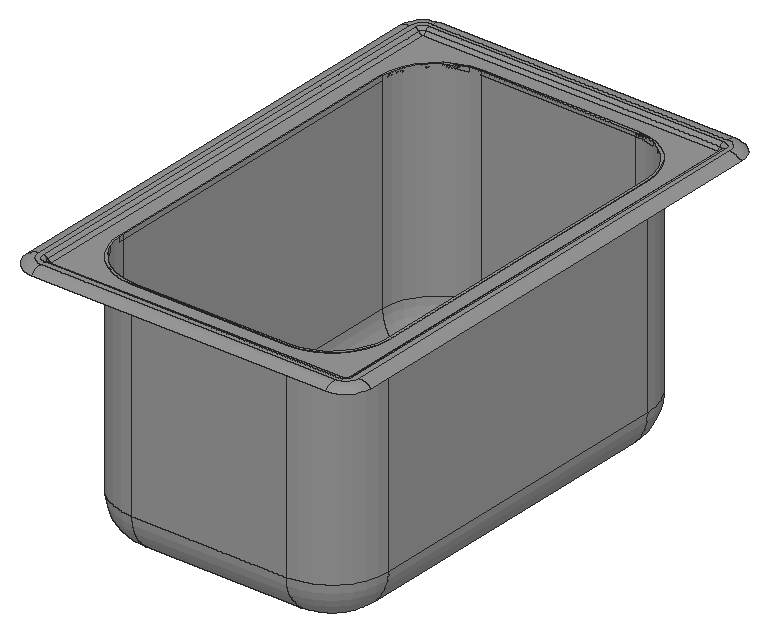
Revit family "MIT-32MSNB", category Generic Models, host Face, Revit 2013
Parameters
  Default Elevation = 1219.2 mm
Reference planes
  plane 1 "Center (Front/Back)": y = 0
  plane 2: z = 0
  plane 3 "Center (Left/Right)": x = 0
Forms (mm)
  Extrusion 1, solid
    sketch origin (0, 0, 0) x (1, 0, 0) y (0, 1, 0)
      loop
        arc (-164.5, 264) -> (-171.571, 261.071) -> (-174.5, 254) r 10
        line (-174.5, 254) -> (-174.5, -255)
        arc (-174.5, -255) -> (-171.571, -262.071) -> (-164.5, -265) r 10
        line (-164.5, -265) -> (164.5, -265)
        arc (164.5, -265) -> (171.571, -262.071) -> (174.5, -255) r 10
        line (174.5, -255) -> (174.5, 254)
        arc (174.5, 254) -> (171.571, 261.071) -> (164.5, 264) r 10
        line (164.5, 264) -> (-164.5, 264)
    from -2 to 0
  Sweep 2, solid, material "Steel, Polished"
    path origin (0, 0, 0) x (1, 0, 0) y (0, 1, 0)
      loop
        arc (-156, 247) -> (-156.707, 246.707) -> (-157, 246) r 1
        line (-157, 246) -> (-157, -246)
        arc (-157, -246) -> (-156.707, -246.707) -> (-156, -247) r 1
        line (-156, -247) -> (156, -247)
        arc (156, -247) -> (156.707, -246.707) -> (157, -246) r 1
        line (157, -246) -> (157, 246)
        arc (157, 246) -> (156.707, 246.707) -> (156, 247) r 1
        line (156, 247) -> (-156, 247)
    profile origin (0, 247, 0) x (0, 1, 0) y (0, 0, 1)
      loop
        arc (25.095, 0) -> (19.429, 3.789) -> (12.72, 5) r 16.713
        line (12.72, 5) -> (7.72, 5)
        arc (7.72, 5) -> (5.375, 4.393) -> (3.617, 2.726) r 4.838
        arc (3.617, 2.726) -> (2.061, 1.028) -> (0, 0) r 6.319
        line (0, 0) -> (25.095, 0)
  Extrusion 3, void
    sketch origin (0, 0, 0) x (1, 0, 0) y (0, 1, 0)
      loop
        line (-172, 262) -> (-172, -262) -> (172, -262) -> (172, 262) -> (-172, 262)
    from -444.428 to 250
  Sweep 4, solid, material "Steel, Polished"
    path origin (0, 0, 0) x (1, 0, 0) y (0, 1, 0)
      loop
        arc (-142, -172) -> (-124.426, -214.426) -> (-82, -232) r 60
        line (-82, -232) -> (82, -232)
        arc (82, -232) -> (124.426, -214.426) -> (142, -172) r 60
        line (142, -172) -> (142, 172)
        arc (142, 172) -> (124.426, 214.426) -> (82, 232) r 60
        line (82, 232) -> (-82, 232)
        arc (-82, 232) -> (-124.426, 214.426) -> (-142, 172) r 60
        line (-142, 172) -> (-142, -172)
    profile origin (-142, 0, 0) x (-1, 0, 0) y (0, 0, 1)
      loop
        line (0, 0) -> (-2, 0) -> (-2, -221)
        arc (-2, -221) -> (-14.594, -251.406) -> (-45, -264) r 43
        line (-45, -264) -> (-45, -266)
        arc (-45, -266) -> (-13.18, -252.82) -> (0, -221) r 45
        line (0, -221) -> (0, 0)
  Extrusion 5, solid, material "Steel, Polished"
    sketch origin (0, 0, 0) x (1, 0, 0) y (0, 1, 0)
      loop
        line (-97, 172) -> (-97, -172)
        arc (-97, -172) -> (-92.607, -182.607) -> (-82, -187) r 15
        line (-82, -187) -> (82, -187)
        arc (82, -187) -> (92.607, -182.607) -> (97, -172) r 15
        line (97, -172) -> (97, 172)
        arc (97, 172) -> (92.607, 182.607) -> (82, 187) r 15
        line (82, 187) -> (-82, 187)
        arc (-82, 187) -> (-92.607, 182.607) -> (-97, 172) r 15
    from -264 to -266
  Extrusion 6, solid, material "Steel, Polished"
    sketch origin (0, 0, 0) x (1, 0, 0) y (0, 1, 0)
      loop
        arc (-157, -246) -> (-156.707, -246.707) -> (-156, -247) r 1
        line (-156, -247) -> (156, -247)
        arc (156, -247) -> (156.707, -246.707) -> (157, -246) r 1
        line (157, -246) -> (157, 246)
        arc (157, 246) -> (156.707, 246.707) -> (156, 247) r 1
        line (156, 247) -> (-156, 247)
        arc (-156, 247) -> (-156.707, 246.707) -> (-157, 246) r 1
        line (-157, 246) -> (-157, -246)
      loop
        line (-82, -230) -> (82, -230)
        arc (82, -230) -> (123.012, -213.012) -> (140, -172) r 58
        line (140, -172) -> (140, 172)
        arc (140, 172) -> (123.012, 213.012) -> (82, 230) r 58
        line (82, 230) -> (-82, 230)
        arc (-82, 230) -> (-123.012, 213.012) -> (-140, 172) r 58
        line (-140, 172) -> (-140, -172)
        arc (-140, -172) -> (-123.012, -213.012) -> (-82, -230) r 58
    from 0 to -4.172
  Extrusion 7, solid, material "Steel, Polished"
    sketch origin (0, 17.295, 0) x (1, 0, 0) y (0, 1, 0)
      loop
        circle (0, -17.295) r 35
      loop
        circle (0, -17.295) r 25
    from -262.078 to -264
  Extrusion 8, void
    sketch origin (0, 17.295, 0) x (1, 0, 0) y (0, 1, 0)
      loop
        line (-6.47, 6.853) -> (-1.294, -12.466)
        arc (-1.294, -12.466) -> (-0.653, -12.338) -> (0, -12.295) r 5
        line (0, -12.295) -> (0, 7.705)
        arc (0, 7.705) -> (-3.263, 7.491) -> (-6.47, 6.853) r 25
    from -91.216 to -445.062
  Extrusion 9, void
    sketch origin (8.648, 14.978, 0) x (0.866025, -0.5, 0) y (0.5, 0.866025, 0)
      loop
        line (-6.47, 6.853) -> (-1.294, -12.466)
        arc (-1.294, -12.466) -> (-0.653, -12.338) -> (0, -12.295) r 5
        line (0, -12.295) -> (0, 7.705)
        arc (0, 7.705) -> (-3.263, 7.491) -> (-6.47, 6.853) r 25
    from -91.216 to -445.062
  Extrusion 10, void
    sketch origin (-8.648, 14.978, 0) x (0.866025, 0.5, 0) y (-0.5, 0.866025, 0)
      loop
        line (-6.47, 6.853) -> (-1.294, -12.466)
        arc (-1.294, -12.466) -> (-0.653, -12.338) -> (0, -12.295) r 5
        line (0, -12.295) -> (0, 7.705)
        arc (0, 7.705) -> (-3.263, 7.491) -> (-6.47, 6.853) r 25
    from -91.216 to -445.062
  Extrusion 11, void
    sketch origin (-14.978, 8.648, 0) x (0.5, 0.866025, 0) y (-0.866025, 0.5, 0)
      loop
        line (-6.47, 6.853) -> (-1.294, -12.466)
        arc (-1.294, -12.466) -> (-0.653, -12.338) -> (0, -12.295) r 5
        line (0, -12.295) -> (0, 7.705)
        arc (0, 7.705) -> (-3.263, 7.491) -> (-6.47, 6.853) r 25
    from -91.216 to -445.062
  Extrusion 12, void
    sketch origin (-17.295, 0, 0) x (0, 1, 0) y (-1, 0, 0)
      loop
        line (-6.47, 6.853) -> (-1.294, -12.466)
        arc (-1.294, -12.466) -> (-0.653, -12.338) -> (0, -12.295) r 5
        line (0, -12.295) -> (0, 7.705)
        arc (0, 7.705) -> (-3.263, 7.491) -> (-6.47, 6.853) r 25
    from -91.216 to -445.062
  Extrusion 13, void
    sketch origin (-14.978, -8.648, 0) x (-0.5, 0.866025, 0) y (-0.866025, -0.5, 0)
      loop
        line (-6.47, 6.853) -> (-1.294, -12.466)
        arc (-1.294, -12.466) -> (-0.653, -12.338) -> (0, -12.295) r 5
        line (0, -12.295) -> (0, 7.705)
        arc (0, 7.705) -> (-3.263, 7.491) -> (-6.47, 6.853) r 25
    from -91.216 to -445.062
  Extrusion 14, void
    sketch origin (-8.648, -14.978, 0) x (-0.866025, 0.5, 0) y (-0.5, -0.866025, 0)
      loop
        line (-6.47, 6.853) -> (-1.294, -12.466)
        arc (-1.294, -12.466) -> (-0.653, -12.338) -> (0, -12.295) r 5
        line (0, -12.295) -> (0, 7.705)
        arc (0, 7.705) -> (-3.263, 7.491) -> (-6.47, 6.853) r 25
    from -91.216 to -445.062
  Extrusion 15, void
    sketch origin (0, -17.295, 0) x (-1, 0, 0) y (0, -1, 0)
      loop
        line (-6.47, 6.853) -> (-1.294, -12.466)
        arc (-1.294, -12.466) -> (-0.653, -12.338) -> (0, -12.295) r 5
        line (0, -12.295) -> (0, 7.705)
        arc (0, 7.705) -> (-3.263, 7.491) -> (-6.47, 6.853) r 25
    from -91.216 to -445.062
  Extrusion 16, void
    sketch origin (8.648, -14.978, 0) x (-0.866025, -0.5, 0) y (0.5, -0.866025, 0)
      loop
        line (-6.47, 6.853) -> (-1.294, -12.466)
        arc (-1.294, -12.466) -> (-0.653, -12.338) -> (0, -12.295) r 5
        line (0, -12.295) -> (0, 7.705)
        arc (0, 7.705) -> (-3.263, 7.491) -> (-6.47, 6.853) r 25
    from -91.216 to -445.062
  Extrusion 17, void
    sketch origin (14.978, -8.648, 0) x (-0.5, -0.866025, 0) y (0.866025, -0.5, 0)
      loop
        line (-6.47, 6.853) -> (-1.294, -12.466)
        arc (-1.294, -12.466) -> (-0.653, -12.338) -> (0, -12.295) r 5
        line (0, -12.295) -> (0, 7.705)
        arc (0, 7.705) -> (-3.263, 7.491) -> (-6.47, 6.853) r 25
    from -91.216 to -445.062
  Extrusion 18, void
    sketch origin (17.295, 0, 0) x (0, -1, 0) y (1, 0, 0)
      loop
        line (-6.47, 6.853) -> (-1.294, -12.466)
        arc (-1.294, -12.466) -> (-0.653, -12.338) -> (0, -12.295) r 5
        line (0, -12.295) -> (0, 7.705)
        arc (0, 7.705) -> (-3.263, 7.491) -> (-6.47, 6.853) r 25
    from -91.216 to -445.062
  Extrusion 19, void
    sketch origin (14.978, 8.648, 0) x (0.5, -0.866025, 0) y (0.866025, 0.5, 0)
      loop
        line (-6.47, 6.853) -> (-1.294, -12.466)
        arc (-1.294, -12.466) -> (-0.653, -12.338) -> (0, -12.295) r 5
        line (0, -12.295) -> (0, 7.705)
        arc (0, 7.705) -> (-3.263, 7.491) -> (-6.47, 6.853) r 25
    from -91.216 to -445.062
Cuts and joins
  Extrusion 3 cuts Extrusion 1
  Extrusion 8, Extrusion 9, Extrusion 10, Extrusion 11, Extrusion 12, Extrusion 13, Extrusion 14, Extrusion 15, Extrusion 16, Extrusion 17, Extrusion 18, Extrusion 19 cuts Extrusion 5
  Extrusion 9, Extrusion 10, Extrusion 11, Extrusion 12, Extrusion 13, Extrusion 14, Extrusion 15, Extrusion 16, Extrusion 17, Extrusion 18, Extrusion 19 cuts Extrusion 7
Lines and regions (mm)
  reference lines
    curve 1: line (0, 2097.409, 5) -> (0, -3902.591, 5)
    curve 2: line (-1599.2, 0, -2) -> (3900.8, 0, -2)
    curve 3: line (-1599.2, 0, 5) -> (3900.8, 0, 5)
    curve 4: line (-1599.2, 0, -210) -> (3900.8, 0, -210)
Dimensions and locks
  aligned and locked: plane 2 to host face
  aligned and locked: level to host face
